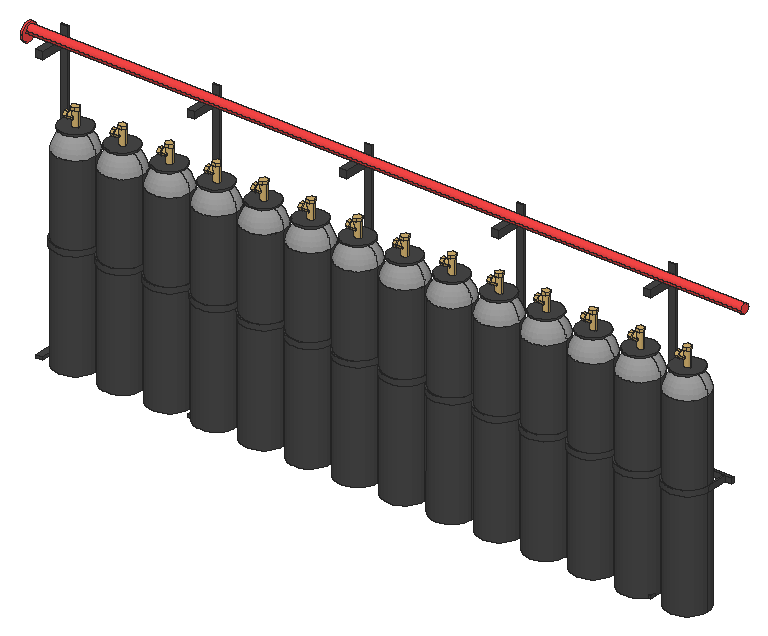
Revit family "Batería de cilindros de 67l en simple fila CO2_Aguilera Extincion", category Equipos especializados, Revit 2017
Family settings
  Anfitrión = Suelo
  Cota de conector redondo = Radio de uso
  Tipo de pieza = Normal
  Número OmniClass = 23.65.20.14.24
  Título OmniClass = Other Gas Storage Vessels
  Siempre vertical = Sí
  Corte con vacíos al cargar = No
  Compartido = No
  Punto de cálculo de habitación = No
Parameters (values of type "Batería 14 cilindros CO2 - 67 l")
  URL = "https://aguilera.es/?productos=baterias-de-botellas-en-una-fila-para-co2"
  Símbolo texto = yes
  Símbolo = yes
  Rc2 = Radio colector * 2  # 63.5 mm
  Radio colector = Diámetro colector / 2  # 31.75 mm
  R = Diámetro / 2  # 133.5 mm
  Número soportes = 5
  Número de cilindros = 14
  Modelo = "AEX/SBCO1467"
  Lt1 = Lt * 0.9  # 4663.8 mm
  Lt = 5182 mm
  Lci = D2 + 40 mm  # 380 mm
  Lcc = Lt1 / (Número soportes - 0.75)  # 1097.365 mm
  Lc = 340 mm  # constant formula
  Ht = Hc + Diámetro colector  # 2058.5 mm
  Hd = 1770 mm
  H2 = 1200 mm
  H1 = 600 mm
  Fabricante = "Aguilera Extinción"  # constant formula
  Diámetro colector = 63.5 mm
  Descripción = "Batería de alta presión formada con cilindros de 67 L de capacidad.\r\n\r\nFabricados en acero tratado térmicamente, sin soldadura, (según instrucción MIE AP7 de aparatos a presión y Directiva Europea 84/525/CEE). Presión de trabajo 60 bar, presión de prueba 250 bar, temperaturas de servicio de -20ºC a +50ºC. Grabados y pintados según normativa.\r\n\r\nEquipados con válvula principal AE-100 de 1” con apertura neumática a través del cabezal, válvulas antirretorno, latiguillos para el accionamiento neumático de disparo y latiguillos de descarga. Ensambladas en bastidor metálico con doble herraje de fijación y colector de descarga con rosca de acoplamiento a la instalación. Los bastidores pueden ser realizados mediante montaje de botellas en una sola fila."  # constant formula
  Diámetro = 267 mm
  Hc = 1995 mm  # constant formula
  D2 = 340 mm  # constant formula
  Cilindro = Cilindro autonomo CO2_Aguilera Extincion : Cilindro autónomo CO2 - 67 l
Types (14, lengths in mm): name | Rc2 | Radio colector | Número soportes | Número de cilindros | Modelo | Lt1 | Lt | Lcc | Ht | Diámetro colector
  (no name) | 63.5 | 31.75 | 5 | 14 | "AEX/SBCO1467" | 4663.8 | 5182 | 1097.365 | 2058.5 | 63.5
  Batería 2 cilindros CO2 - 67 l | 19.1 | 9.55 | 2 | 2 | "AEX/SBCO267" | 896.4 | 996 | 717.12 | 2014.1 | 19.1
  Batería 3 cilindros CO2 - 67 l | 25.4 | 12.7 | 2 | 3 | "AEX/SBCO367" | 1202.4 | 1336 | 961.92 | 2020.4 | 25.4
  Batería 4 cilindros CO2 - 67 l | 31.8 | 15.9 | 2 | 4 | "AEX/SBCO467" | 1508.4 | 1676 | 1206.72 | 2026.8 | 31.8
  Batería 5 cilindros CO2 - 67 l | 31.8 | 15.9 | 2 | 5 | "AEX/SBCO567" | 1814.4 | 2016 | 1451.52 | 2026.8 | 31.8
  Batería 6 cilindros CO2 - 67 l | 31.8 | 15.9 | 2 | 6 | "AEX/SBCO667" | 2120.4 | 2356 | 1696.32 | 2026.8 | 31.8
  Batería 7 cilindros CO2 - 67 l | 38.1 | 19.05 | 3 | 7 | "AEX/SBCO767" | 2426.4 | 2696 | 1078.4 | 2033.1 | 38.1
  Batería 8 cilindros CO2 - 67 l | 38.1 | 19.05 | 3 | 8 | "AEX/SBCO867" | 2732.4 | 3036 | 1214.4 | 2033.1 | 38.1
  Batería 9 cilindros CO2 - 67 l | 50.8 | 25.4 | 3 | 9 | "AEX/SBCO967" | 3041.1 | 3379 | 1351.6 | 2045.8 | 50.8
  Batería 10 cilindros CO2 - 67 l | 50.8 | 25.4 | 3 | 10 | "AEX/SBCO1067" | 3347.1 | 3719 | 1487.6 | 2045.8 | 50.8
  Batería 11 cilindros CO2 - 67 l | 50.8 | 25.4 | 4 | 11 | "AEX/SBCO1167" | 3653.1 | 4059 | 1124.031 | 2045.8 | 50.8
  Batería 12 cilindros CO2 - 67 l | 50.8 | 25.4 | 4 | 12 | "AEX/SBCO1267" | 3959.1 | 4399 | 1218.185 | 2045.8 | 50.8
  Batería 13 cilindros CO2 - 67 l | 50.8 | 25.4 | 4 | 13 | "AEX/SBCO1367" | 4265.1 | 4739 | 1312.338 | 2045.8 | 50.8
  Batería 14 cilindros CO2 - 67 l | 63.5 | 31.75 | 5 | 14 | "AEX/SBCO1467" | 4663.8 | 5182 | 1097.365 | 2058.5 | 63.5
Reference planes
  plane 1 "Centro (Frontal/Posterior)": y = 0
  plane 2: z = 0
  plane 3 "Centro (Izquierda/Derecha)": x = 0
  plane 4: y = 133.5
  plane 5: z = 600
  plane 6: z = 1200
  plane 7: z = 1565
  plane 8: z = 1703.58
  plane 9: z = 1770
  plane 10: z = 1995
  plane 11: z = 2058.5
  plane 12: x = -600
  plane 13: x = 4582
  plane 14: y = 153.5
  plane 15: x = -440
  plane 16: y = 40.5
  plane 17: z = 2038.5
Forms (mm)
  Extrusion 1, solid, material "Acero rojo"
    sketch origin (0, 0, 0) x (0, 1, 0) y (0, 0, 1)
      loop
        circle (40.5, 2026.75) r 31.75
    from -600 to 4582
  Extrusion 2, solid, material "Acero rojo"
    sketch origin (0, 0, 0) x (0, 1, 0) y (0, 0, 1)
      loop
        circle (40.5, 2004.1) r 63.5
    from -600 to -582.73
Dimensions and locks
  "H1": plane 5 to plane 2
  "H2": plane 6 to plane 2
  "Hd": plane 9 to plane 2
  "Hc": plane 10 to plane 2
  locked: plane 9 to plane 8 at 66.42
  locked: plane 9 to plane 7 at 205
  "R": plane 1 "Centro (Frontal/Posterior)" to plane 4
  "Lt": plane 13 to plane 12
  "Ht": plane 11 to plane 2
  locked: plane 11 to plane 17 at 20
  "Ht": Extrusion 1 sketch curve to plane 2
  equal spacing: group 1, group 2, group 5, group 6, group 7, group 8, group 9, group 10, group 12, group 13, group 14, group 15, group 16, group 17  (x3)
  "D2": nested 1 to nested 2
  equal spacing: group 3, group 4, group 11, group 18, group 19  (x3)
  "Lcc": nested 5 to plane 15
  "Lci": nested 1 to plane 12
  "Radio colector": radius of Extrusion 1 sketch curve
  "Rc2": radius of Extrusion 2 sketch curve
  aligned and locked: level to plane 2
  aligned and locked: Extrusion 1 to plane 12
  aligned and locked: plane 13 to Extrusion 1
  aligned and locked: Extrusion 2 to plane 12
Automatic sketch dimensions
  Extrusion 1 sketch curve to plane 16 = 0 mm
  Extrusion 2 sketch curve to plane 16 = 0 mm
  plane 10 to Extrusion 2 sketch curve = 9.1 mm
Nested families
  nested 1: "Cilindro autonomo CO2_Aguilera Extincion" at (-220, 0, 0), type <- "Cilindro", type "Cilindro autónomo CO2 - 67 l"
  nested 2: "Cilindro autonomo CO2_Aguilera Extincion" at (120, 0, 0), type <- "Cilindro", type "Cilindro autónomo CO2 - 67 l"
  nested 3: "S_Cilindros_Aguilera Extinción" at (0, 0, 0), visible <- "Símbolo", type "S_Cilindros_Aguilera Extinción", detail levels coarse
  nested 4: "Soporte suelo" at (-60, 153.5, 0), type "Soporte suelo"
    with Ht 1995 mm
  nested 5: "Soporte suelo" at (1037.365, 153.5, 0), type "Soporte suelo"
    with Ht 1995 mm
  nested 6: "Cilindro autonomo CO2_Aguilera Extincion" at (460, 0, 0), type <- "Cilindro", type "Cilindro autónomo CO2 - 67 l"
  nested 7: "Cilindro autonomo CO2_Aguilera Extincion" at (800, 0, 0), type <- "Cilindro", type "Cilindro autónomo CO2 - 67 l"
  nested 8: "Cilindro autonomo CO2_Aguilera Extincion" at (1140, 0, 0), type <- "Cilindro", type "Cilindro autónomo CO2 - 67 l"
  nested 9: "Cilindro autonomo CO2_Aguilera Extincion" at (1480, 0, 0), type <- "Cilindro", type "Cilindro autónomo CO2 - 67 l"
  nested 10: "Cilindro autonomo CO2_Aguilera Extincion" at (1820, 0, 0), type <- "Cilindro", type "Cilindro autónomo CO2 - 67 l"
  nested 11: "Cilindro autonomo CO2_Aguilera Extincion" at (2160, 0, 0), type <- "Cilindro", type "Cilindro autónomo CO2 - 67 l"
  nested 12: "Soporte suelo" at (2134.729, 153.5, 0), type "Soporte suelo"
    with Ht 1995 mm
  nested 13: "Cilindro autonomo CO2_Aguilera Extincion" at (2500, 0, 0), type <- "Cilindro", type "Cilindro autónomo CO2 - 67 l"
  nested 14: "Cilindro autonomo CO2_Aguilera Extincion" at (2840, 0, 0), type <- "Cilindro", type "Cilindro autónomo CO2 - 67 l"
  nested 15: "Cilindro autonomo CO2_Aguilera Extincion" at (3180, 0, 0), type <- "Cilindro", type "Cilindro autónomo CO2 - 67 l"
  nested 16: "Cilindro autonomo CO2_Aguilera Extincion" at (3520, 0, 0), type <- "Cilindro", type "Cilindro autónomo CO2 - 67 l"
  nested 17: "Cilindro autonomo CO2_Aguilera Extincion" at (3860, 0, 0), type <- "Cilindro", type "Cilindro autónomo CO2 - 67 l"
  nested 18: "Cilindro autonomo CO2_Aguilera Extincion" at (4200, 0, 0), type <- "Cilindro", type "Cilindro autónomo CO2 - 67 l"
  nested 19: "Soporte suelo" at (3232.094, 153.5, 0), type "Soporte suelo"
    with Ht 1995 mm
  nested 20: "Soporte suelo" at (4329.459, 153.5, 0), type "Soporte suelo"
    with Ht 1995 mm
Connectors
  piping at (-600, 40.5, 2026.75), diameter 63.5, driven by "Radio colector"
    settings: on Extrusion 1, index 1, connector inside diameter 609.6 mm, connector length 0 mm, flow factor 0, pipe flow 0.0 L/s, pressure drop 0.0 Pa, fitting loss kfactor 0, connector angle 0.00°, fixture units 0, engagement length 0 mm, angle of deflection 0.00°, flow configuration 0, flow direction 0, fitting loss method 0, system type 28, joint type 0, gender type 0, connector reference index -1, connector utility 0, adjustable connector no, is connector primary yes, connector description ""
Definition of nested family "Cilindro autonomo CO2_Aguilera Extincion"
  Parameters (values of type "Cilindro autónomo CO2 - 67 l")
    URL = "https://aguilera.es/?productos=botellas-autonomas-de-4-7-a-120-l-para-co2"
    Símbolo texto = yes
    Símbolo = yes
    R3 = R2 * 0.2  # 21.9 mm
    R2 = R * 0.75  # 109.5 mm
    R = Diámetro / 2  # 146 mm
    Model = "AEX/CO67A"
    Herraje 2 = no
    Hd = 1600 mm
    H2 = 800 mm
    H1 = 200 mm
    Manufacturer = "Aguilera Extinción"  # constant formula
    Description = "Cilindro autónomo, fabricado en acero aleado tratado térmicamente sin soldadura, (según instrucción MIE AP7 de aparatos a presión y Directiva Europea 84/525/CEE). Presión de trabajo 60 bar, presión de prueba 250 bar, temperatura de servicio de -20ºC a +50ºC. Grabados y pintados según normativa."  # constant formula
    Diámetro = 292 mm
    H = 1650 mm
    D2 = 402 mm
    Type Comments = "Equipados con:\r\nVálvula principal AE-100 de 1” fabricada en latón forjado con pistón y eje de acero inoxidable. Provista con disco de seguridad y válvula de alivio para evitar el disparo encaso de fugas.\r\nTubo sifón.\r\nSolenoide de disparo (alimentación 24V y 500mA de consumo).\r\nHerraje de sujeción.\r\nBrida.\r\nCaperuzo protector."  # constant formula
  Types (5, lengths in mm): name | R3 | R2 | R | Model | Hd | H2 | Diámetro | H | D2
    Cilindro autónomo CO2 - 6.7 l | 14.85 | 74.25 | 99 | "AEX/CO6A" | 700 | 350 | 198 | 750 | 274
    Cilindro autónomo CO2 - 13.4 l | 14.85 | 74.25 | 99 | "AEX/CO13A" | 1100 | 550 | 198 | 1150 | 274
    Cilindro autónomo CO2 - 26.8 l | 19.125 | 95.625 | 127.5 | "AEX/CO26A" | 1000 | 500 | 255 | 1050 | 364
    Cilindro autónomo CO2 - 67 l | 21.9 | 109.5 | 146 | "AEX/CO67A" | 1600 | 800 | 292 | 1650 | 402
    Cilindro autónomo CO2 - 80 l | 21.9 | 109.5 | 146 | "AEX/CO80A" | 1777 | 900 | 292 | 1827 | 402
  Reference planes
    plane 1 "Centro (Frontal/Posterior)": y = 0
    plane 2: z = 0
    plane 3 "Centro (Izquierda/Derecha)": x = 0
    plane 4: y = 146
    plane 5: z = 200
    plane 6: z = 800
    plane 7: z = 1395
    plane 8: z = 1533.58
    plane 9: z = 1600
    plane 10: z = 1650
    plane 11: x = -154
    plane 12: x = -146
    plane 13: x = 146
    plane 14: x = -146
    plane 15: x = 146
    plane 16: x = -133.5
    plane 17: x = 158.5
  Forms (mm)
    Extrusion 1, solid
      sketch origin (0, 0, 0) x (1, 0, 0) y (0, 1, 0)
        loop
          circle (0, 0) r 146
      from 0 to 1395
    Extrusion 2, solid
      sketch origin (-745.59, -6000, 1533.58) x (-1, 0, 0) y (0, -1, 0)
        loop
          circle (-745.59, -6000) r 21.9
      from 0 to 116.42
    Extrusion 3, solid, detail levels fine
      sketch origin (-40, 0, 0) x (0, 1, 0) y (0, 0, 1)
        loop
          line (13.01, 1622.534) -> (-13.01, 1622.534) -> (-26.02, 1600) -> (-13.01, 1577.466) -> (13.01, 1577.466) -> (26.02, 1600) -> (13.01, 1622.534)
      from -5 to -30
    Extrusion 4, solid, detail levels fine
      sketch origin (-70, 0, 0) x (0, -1, 0) y (0, 0, 1)
        loop
          circle (0, 1600) r 21.9
      from -70 to -25
    Revolve 5, solid
      sketch origin (0, 0, 0) x (1, 0, 0) y (0, 0, 1)
        loop
          line (-146, 1395) -> (0, 1395) -> (0, 1533.58) -> (-40, 1533.58)
          arc (-40, 1533.58) -> (-112.105, 1478.903) -> (-146, 1395) r 170.221
        axis (0, 1533.58) -> (0, 1395)
      angle from 0 to 360
    Extrusion 6, solid, detail levels fine
      sketch origin (-745.59, -6000, 800) x (-1, 0, 0) y (0, -1, 0)
        loop
          line (-544.59, -6166) -> (-544.59, -6146) -> (-590.59, -6146) -> (-590.59, -6000)
          arc (-590.59, -6000) -> (-745.59, -5845) -> (-900.59, -6000) r 155
          line (-900.59, -6000) -> (-900.59, -6146) -> (-946.59, -6146) -> (-946.59, -6166) -> (-544.59, -6166)
        loop
          arc (-599.59, -6000) -> (-745.59, -5854) -> (-891.59, -6000) r 146
          line (-891.59, -6000) -> (-891.59, -6146) -> (-599.59, -6146) -> (-599.59, -6000)
      from 20 to -20
    Extrusion 7, solid, visible <- "Herraje 2", detail levels fine
      sketch origin (-745.59, -6000, 200) x (-1, 0, 0) y (0, -1, 0)
        loop
          line (-544.59, -6166) -> (-544.59, -6146) -> (-590.59, -6146) -> (-590.59, -6000)
          arc (-590.59, -6000) -> (-745.59, -5845) -> (-900.59, -6000) r 155
          line (-900.59, -6000) -> (-900.59, -6146) -> (-946.59, -6146) -> (-946.59, -6166) -> (-544.59, -6166)
        loop
          arc (-599.59, -6000) -> (-745.59, -5854) -> (-891.59, -6000) r 146
          line (-891.59, -6000) -> (-891.59, -6146) -> (-599.59, -6146) -> (-599.59, -6000)
      from 20 to -20
    Extrusion 8, solid, detail levels fine
      sketch origin (-745.59, -6000, 1650) x (-1, 0, 0) y (0, -1, 0)
        loop
          line (-731.103, -6024.486) -> (-717.015, -6000.085) -> (-731.103, -5975.683) -> (-759.279, -5975.683) -> (-773.367, -6000.085) -> (-759.279, -6024.486) -> (-731.103, -6024.486)
      from 0 to 20
    Extrusion 9, solid, detail levels fine
      sketch origin (-745.59, -6000, 1533.58) x (-1, 0, 0) y (0, -1, 0)
        loop
          circle (-745.59, -5998.341) r 109.5
      from 0 to 10
  Lines and regions (mm)
    symbolic lines
      curve 1: line (0, 186, 0) -> (0, 146, 0)
      curve 2: line (-25, 166, 0) -> (25, 166, 0)
      curve 3: circle (0, 166, 0) r 15 normal (0, 0, 1)
  Dimensions and locks
    "H1": plane 5 to plane 2
    "H2": plane 6 to plane 2
    "Hd": plane 9 to plane 2
    "H": plane 10 to plane 2
    locked: plane 11 to plane 3 "Centro (Izquierda/Derecha)" at 154
    equal spacing: plane 12, plane 3 "Centro (Izquierda/Derecha)", plane 13
    "Diámetro": plane 12 to plane 13
    locked: plane 9 to plane 8 at 66.42
    locked: plane 9 to plane 7 at 205
    "R": plane 1 "Centro (Frontal/Posterior)" to plane 4
    equal spacing: plane 14, plane 3 "Centro (Izquierda/Derecha)", plane 15
    "Diámetro": plane 14 to plane 15
    equal spacing: Extrusion 6 sketch curve, plane 3 "Centro (Izquierda/Derecha)", Extrusion 6 sketch curve
    "D2": Extrusion 6 sketch curve to Extrusion 6 sketch curve
    plane 16 to plane 17 = 292 mm
    "Diámetro": plane 16 to plane 17
    Extrusion 7 sketch curve to Extrusion 7 sketch curve = 402 mm
    "D2": Extrusion 7 sketch curve to Extrusion 7 sketch curve
    equal spacing: Extrusion 6, plane 3 "Centro (Izquierda/Derecha)", Extrusion 6
    equal spacing: Extrusion 7, plane 3 "Centro (Izquierda/Derecha)", Extrusion 7
    locked: Extrusion 7 to Extrusion 7 at 9  (x2)
    "Diámetro": diameter of Extrusion 1 sketch curve
    "R2": radius of Extrusion 9 sketch curve
    "R3": radius of Extrusion 2 sketch curve
    "R3": radius of Extrusion 4 sketch curve
    aligned and locked: level to plane 2
    aligned and locked: plane 7 to Extrusion 1
    aligned and locked: plane 10 to Extrusion 2
    aligned and locked: Extrusion 2 to plane 8
    aligned and locked: plane 3 "Centro (Izquierda/Derecha)" to Extrusion 4
    aligned and locked: Revolve 5 sketch curve to plane 3 "Centro (Izquierda/Derecha)"  (x2)
    aligned and locked: Revolve 5 sketch curve to plane 7
    aligned and locked: Extrusion 6 sketch curve to Extrusion 6 sketch curve  (x2)
    aligned and locked: Extrusion 6 sketch curve to plane 4
    aligned and locked: Extrusion 6 sketch curve to plane 15
    aligned and locked: Extrusion 6 sketch curve to plane 14
    aligned and locked: Extrusion 7 sketch curve to Extrusion 7 sketch curve  (x2)
    aligned and locked: Extrusion 7 sketch curve to Extrusion 6  (x3)
    aligned and locked: plane 8 to Revolve 5 sketch curve
  Automatic sketch dimensions
    curve 1 to plane 3 "Centro (Izquierda/Derecha)" = 0 mm
    curve 3 to plane 3 "Centro (Izquierda/Derecha)" = 0 mm
    curve 1 to plane 4 = 0 mm
    curve 1 to curve 3 = 20 mm
    curve 2 to plane 3 "Centro (Izquierda/Derecha)" = 25 mm
    plane 3 "Centro (Izquierda/Derecha)" to curve 2 = 25 mm
    plane 4 to curve 2 = 20 mm
    curve 3 to curve 1 = 20 mm
    Extrusion 3 sketch curve to plane 9 = 0 mm  (x2)
    plane 1 "Centro (Frontal/Posterior)" to Extrusion 3 sketch curve = 26.02 mm
    plane 1 "Centro (Frontal/Posterior)" to Extrusion 3 sketch curve = 13.01 mm  (x2)
    Extrusion 3 sketch curve to plane 1 "Centro (Frontal/Posterior)" = 13.01 mm  (x2)
    Extrusion 3 sketch curve to Extrusion 3 sketch curve = 13.01 mm
    Extrusion 3 sketch curve to plane 9 = 22.534 mm
    plane 9 to Extrusion 3 sketch curve = 22.534 mm
    Extrusion 8 sketch curve to plane 1 "Centro (Frontal/Posterior)" = 0.085 mm  (x2)
    plane 3 "Centro (Izquierda/Derecha)" to Extrusion 8 sketch curve = 27.777 mm
    plane 3 "Centro (Izquierda/Derecha)" to Extrusion 8 sketch curve = 13.689 mm  (x2)
    Extrusion 8 sketch curve to plane 3 "Centro (Izquierda/Derecha)" = 14.487 mm  (x2)
    Extrusion 8 sketch curve to Extrusion 8 sketch curve = 14.088 mm
    Extrusion 8 sketch curve to plane 1 "Centro (Frontal/Posterior)" = 24.486 mm
    plane 1 "Centro (Frontal/Posterior)" to Extrusion 8 sketch curve = 24.317 mm
    plane 1 "Centro (Frontal/Posterior)" to Extrusion 1 sketch curve = 0 mm
    Extrusion 1 sketch curve to plane 3 "Centro (Izquierda/Derecha)" = 0 mm
    plane 1 "Centro (Frontal/Posterior)" to Extrusion 2 sketch curve = 0 mm
    Extrusion 2 sketch curve to plane 3 "Centro (Izquierda/Derecha)" = 0 mm
    Extrusion 4 sketch curve to Extrusion 3 = 22.534 mm  (x2)
    plane 12 to Revolve 5 sketch curve = 0 mm
    Revolve 5 sketch curve to plane 3 "Centro (Izquierda/Derecha)" = 40 mm
    Revolve 5 sketch curve to plane 7 = 19.514 mm
    Revolve 5 sketch curve to Revolve 5 sketch curve = 1.762 mm
    plane 10 to Revolve 5 sketch curve = 47 mm
    Extrusion 6 sketch curve to Extrusion 6 sketch curve = 0 mm  (x2)
    plane 1 "Centro (Frontal/Posterior)" to Extrusion 6 sketch curve = 0 mm
    Extrusion 6 sketch curve to plane 15 = 9 mm
    Extrusion 6 sketch curve to Extrusion 6 sketch curve = 20 mm
    Extrusion 7 sketch curve to Extrusion 7 sketch curve = 0 mm  (x2)
    Extrusion 7 sketch curve to plane 4 = 0 mm
    plane 1 "Centro (Frontal/Posterior)" to Extrusion 7 sketch curve = 0 mm
    plane 17 to Extrusion 7 sketch curve = 3.5 mm
    Extrusion 7 sketch curve to Extrusion 7 sketch curve = 20 mm
    Extrusion 9 sketch curve to plane 3 "Centro (Izquierda/Derecha)" = 0 mm
    plane 1 "Centro (Frontal/Posterior)" to Extrusion 9 sketch curve = 1.659 mm
    radius of curve 3 = 15 mm
  Nested families
    nested 1: "S_Cilindro_Aguilera Extinción" at (0, 0, 0), visible <- "Símbolo", type "S_Cilindro_Aguilera Extinción", detail levels coarse
  Definition of nested family "S_Cilindro_Aguilera Extinción"
    Parameters (values of type "S_Cilindro_Aguilera Extinción")
      Texto símbolo = "Cilindros"
      Texto modelo = yes
      Modelo = "Cilindros"
    Reference planes
      plane 1: y = 0
      plane 2: x = 0
    Lines and regions (mm)
      detail lines
        curve 1: line (-1.703, -1.659, 0) -> (1.659, -1.659, 0)
        curve 2: line (-1.703, 1.659, 0) -> (-1.703, -1.659, 0)
        curve 3: line (1.659, 1.659, 0) -> (-1.703, 1.659, 0)
        curve 4: line (1.659, -1.659, 0) -> (1.659, 1.659, 0)
        curve 5: circle (0, 0, 0) r 1.659 normal (0, 0, 1)
    Text (mm)
      label "Texto símbolo" at (-0.164, 3.111, 0), shows "Texto símbolo"
      label "Modelo" at (-0.164, -2.652, 0), shows "Modelo", visible <- "Texto modelo"
Definition of nested family "Soporte suelo"
  Parameters (values of type "Soporte suelo")
    Ht = 1266.694 mm
  Reference planes
    plane 1 "Centro (Frontal/Posterior)": y = 0
    plane 2: z = 0
    plane 3 "Centro (Izquierda/Derecha)": x = 0
    plane 4: z = 1266.694
  Forms (mm)
    Extrusion 1, solid
      sketch origin (-380, -6153.5, 976.911) x (0, 0, 1) y (0, -1, 0)
        loop
          line (354.783, -6153.5) -> (354.783, -6143.5) -> (289.783, -6143.5) -> (289.783, -5918.5) -> (239.783, -5918.5) -> (239.783, -6143.5) -> (-956.911, -6143.5) -> (-956.911, -5918.5) -> (-976.911, -5918.5) -> (-976.911, -6153.5) -> (354.783, -6153.5)
      from 0 to 50
  Lines and regions (mm)
    symbolic lines
      curve 1: line (-355, 20, 0) -> (-355, -20, 0)
      curve 2: line (-380, 0, 0) -> (-330, 0, 0)
      curve 3: circle (-355, 0, 0) r 15 normal (0, 0, 1)
  Dimensions and locks
    "Ht": plane 4 to plane 2
    aligned and locked: level to plane 2
    aligned and locked: Extrusion 1 sketch curve to plane 4
    aligned and locked: plane 1 "Centro (Frontal/Posterior)" to Extrusion 1 sketch curve
    aligned and locked: level to Extrusion 1 sketch curve
  Automatic sketch dimensions
    plane 1 "Centro (Frontal/Posterior)" to curve 2 = 0 mm
    plane 1 "Centro (Frontal/Posterior)" to curve 3 = 0 mm
    curve 3 to plane 3 "Centro (Izquierda/Derecha)" = 355 mm
    curve 1 to curve 3 = 0 mm
    curve 2 to curve 3 = 25 mm
    curve 3 to curve 2 = 25 mm
    plane 1 "Centro (Frontal/Posterior)" to curve 1 = 20 mm
    curve 1 to plane 1 "Centro (Frontal/Posterior)" = 20 mm
    level to Extrusion 1 sketch curve = 20 mm
    Extrusion 1 sketch curve to plane 4 = 50 mm
    plane 1 "Centro (Frontal/Posterior)" to Extrusion 1 sketch curve = 10 mm  (x2)
    Extrusion 1 sketch curve to Extrusion 1 sketch curve = 65 mm
    Extrusion 1 sketch curve to Extrusion 1 sketch curve = 225 mm  (x2)
    radius of curve 3 = 15 mm
Definition of nested family "S_Cilindros_Aguilera Extinción"
  Parameters (values of type "S_Cilindros_Aguilera Extinción")
    Texto símbolo = "Cilindros"
    Texto modelo = yes
    Modelo = "Cilindros"
  Reference planes
    plane 1: y = 0
    plane 2: x = 0
  Lines and regions (mm)
    detail lines
      curve 1: line (-6.666, -1.659, 0) -> (6.654, -1.659, 0)
      curve 2: line (-6.666, 1.659, 0) -> (-6.666, -1.659, 0)
      curve 3: line (6.654, 1.659, 0) -> (-6.666, 1.659, 0)
      curve 4: line (6.654, -1.659, 0) -> (6.654, 1.659, 0)
      curve 5: circle (-4.976, 0, 0) r 1.659 normal (0, 0, 1)
      curve 6: circle (-1.659, 0, 0) r 1.659 normal (0, 0, 1)
      curve 7: circle (1.659, 0, 0) r 1.659 normal (0, 0, 1)
      curve 8: circle (4.976, 0, 0) r 1.659 normal (0, 0, 1)
  Text (mm)
    label "Texto símbolo" at (-0.164, 3.111, 0), shows "Texto símbolo"
    label "Modelo" at (-0.164, -2.652, 0), shows "Modelo", visible <- "Texto modelo"
